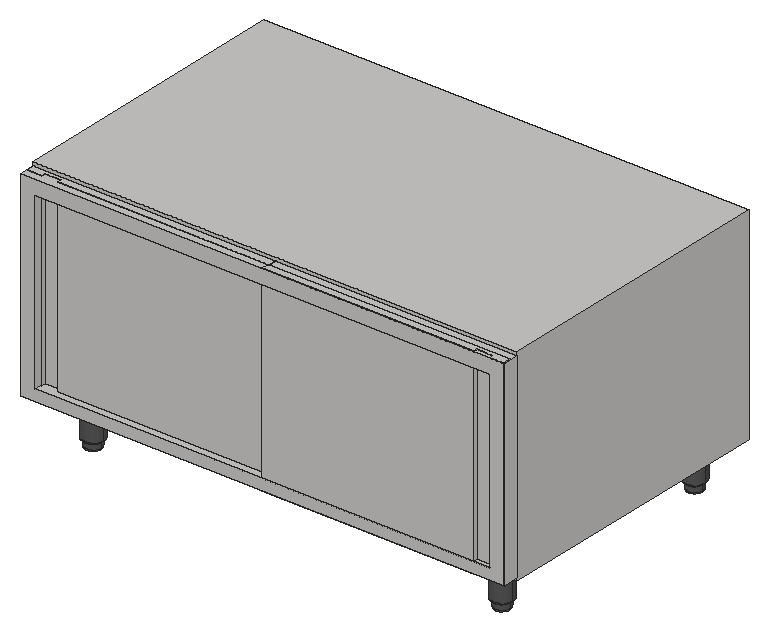
Revit family "QF_CAPIC_CELTIC_W383046", category Equipement spécialisé, Revit 2018
Family settings
  Cote de connecteur circulaire = Utiliser le diamètre
  Type d'élément = Normal
  Numéro OmniClass = 23.40.40.14
  Titre OmniClass = Food Service Equipment
  Basée sur le plan de construction = Non
  Toujours verticalement = Oui
  Couper avec des vides une fois chargée = Non
  Partagée = Non
  Point de calcul de pièce = Non
Parameters (values of type "L=1200mm")
  URL catalogue = "http://www.capic-fr.com/fr/"
  Type de Raccord Plomberie [instance] = ""
  Type de Raccord Electrique [instance] = "BORNIER INTERNE"
  Type de Gaz = ""
  Type article [instance] = ""
  Tension = 400 V
  Spécification du Fabricant = ""
  Show Logo = yes
  Remarques evacuation [instance] = ""
  Remarques Plomberie [instance] = ""
  Remarques Electricité [instance] = "400Vx3 + T"
  Puissance électrique  = 2100 W
  Puissance Gaz kW = 0
  Profondeur hors tout = 756 mm
  Pression Maximum Eau Adoucie = 0.0 Pa
  Poids net à vide = 110.00 kg
  Phase = 3
  Modèle = "W383046"
  Longueur hors tout = 1200 mm
  Intensité nominale = 0 A
  Hauteur hors tout = 630 mm
  Hauteur de Raccordement du Sol Finis = 240 mm
  Hauteur de Raccordement Gaz du Sol Finis = 0 mm
  Hauteur de Raccordement Evacuation Directe du Sol Finis = 0 mm
  Hauteur de Raccordement Eau Froide du Sol Finis = 0 mm
  Hauteur de Raccordement Eau Chaude du Sol Finis = 0 mm
  Hauteur de Raccordement Eau Adoucie du Sol Finis = 0 mm
  Fréquence = 50 Hz
  Fabricant = "CAPIC"
  Débit d'air d'extraction = 0.0 m³/h
  Débit Gaz = 0.0 L/s
  Débit Eau Froide = 0.0 L/s
  Débit Eau Chaude = 0.0 L/s
  Débit Eau Adoucie = 0.0 L/s
  Diamètre de Raccordement Gaz = 0 mm
  Diamètre de Raccordement Evacuation = 0 mm
  Diamètre de Raccordement Eau Froide = 0 mm
  Diamètre de Raccordement Eau Chaude = 0 mm
  Diamètre de Raccordement Eau Adoucie = 0 mm
  Description = "Etuve portes coulissantes"
  Assembly Code = ""
  Classification  Omniclass nombre et titre = "23.40.40.14"
Reference planes
  plane 1 "Centre (avant/arrière)": y = 0
  plane 2: z = 0
  plane 3 "Centre (gauche/droite)": x = 0
  plane 4 "Centre G/E": y = 0
  plane 5: y = -838
  plane 6: x = 1200
  plane 7: x = 1198
  plane 8: x = 2
  plane 9: x = 1165
  plane 10: x = 1157
  plane 11: y = -820
  plane 12: z = 141
  plane 13: x = 43
  plane 14: x = 35
  plane 15: y = -182
  plane 16: z = 621
  plane 17: z = 120
  plane 18: y = -122
  plane 19: x = 601
  plane 20: x = 599
  plane 21: x = 600
  plane 22 "Centre G/G": y = -89
Forms (mm)
  Extrusion 1, solid, material "QF_Stainless Steel-Brushed"
    sketch origin (1480, 0, 0) x (1, 0, 0) y (0, 0, 1)
      loop
        line (-1480, 630) -> (-1480, 120) -> (-280, 120) -> (-280, 630) -> (-1480, 630)
    from 838 to 122
  Extrusion 2, void
    sketch origin (1480, 0, 0) x (1, 0, 0) y (0, 0, 1)
      loop
        line (-1445, 155.456) -> (-315, 155.456) -> (-315, 585.456) -> (-1445, 585.456) -> (-1445, 155.456)
    from 838 to 182
  Extrusion 3, void
    sketch origin (1480, 0, 0) x (1, 0, 0) y (0, 1, 0)
      loop
        line (-1445, -131.5) -> (-1445, -820) -> (-315, -820) -> (-315, -131.5) -> (-1445, -131.5)
    from 120 to 141
  Extrusion 4, solid, material "QF_Stainless Steel-Brushed"
    sketch origin (800, 0, 0) x (-1, 0, 0) y (0, -1, 0)
      loop
        line (-400, 838) -> (800, 838) -> (800, 878) -> (-400, 878) -> (-400, 838)
    from 127 to 621
  Extrusion 5, void
    sketch origin (0, 0, 0) x (1, 0, 0) y (0, 0, 1)
      loop
        line (35, 585.456) -> (35, 155.456) -> (1165, 155.456) -> (1165, 585.456) -> (35, 585.456)
    from 838 to 878
  Extrusion 6, solid, material "QF_Stainless Steel-Brushed"
    sketch origin (0, 0, 0) x (1, 0, 0) y (0, 0, 1)
      loop
        line (2, 621) -> (2, 127) -> (601, 127) -> (601, 621) -> (2, 621)
    from 838 to 858
  Extrusion 7, solid, material "QF_Stainless Steel-Brushed"
    sketch origin (620, 0, 0) x (1, 0, 0) y (0, 0, 1)
      loop
        line (-21, 621) -> (-21, 127) -> (578, 127) -> (578, 621) -> (-21, 621)
    from 877 to 858
  Extrusion 8, void
    sketch origin (0, 0, 0) x (1, 0, 0) y (0, 1, 0)
      loop
        line (1163, -877) -> (1163, -867) -> (1123, -867) -> (1123, -877) -> (1163, -877)
    from 621 to 127
  Extrusion 9, void
    sketch origin (-1048, -1, 0) x (1, 0, 0) y (0, 1, 0)
      loop
        line (1125, -847) -> (1085, -847) -> (1085, -857) -> (1125, -857) -> (1125, -847)
    from 621 to 127
Cuts and joins
  Extrusion 2, Extrusion 3, Extrusion 5 cuts Extrusion 1
  Extrusion 5 cuts Extrusion 4
  Extrusion 8, Extrusion 9 cuts Extrusion 7
  Extrusion 9 cuts Extrusion 6
Dimensions and locks
  locked: plane 9 to plane 6 at 35
  locked: plane 7 to plane 6 at 2
  locked: plane 3 "Centre (gauche/droite)" to plane 8 at 2
  "Longueur hors tout": plane 3 "Centre (gauche/droite)" to plane 6
  locked: plane 3 "Centre (gauche/droite)" to plane 14 at 35
  locked: plane 11 to plane 5 at 18
  locked: plane 15 to plane 5 at 656
  plane 12 to plane 17 to plane 2 = 21 mm locked, 120 mm locked
  locked: plane 10 to plane 6 at 43
  locked: plane 3 "Centre (gauche/droite)" to plane 13 at 43
  equal spacing: plane 3 "Centre (gauche/droite)", plane 21, plane 6
  locked: plane 21 to plane 19 at 1
  locked: plane 20 to plane 21 at 1
  locked: Extrusion 7 to Extrusion 8 sketch curve at 10
  Extrusion 8 sketch curve to Extrusion 8 sketch curve to cut or joined group of Extrusion 7, Extrusion 8, Extrusion 9 = 40 mm locked, 35 mm locked
  locked: Extrusion 6 to Extrusion 9 sketch curve at 10
  plane 8 to Extrusion 9 sketch curve to Extrusion 9 sketch curve = 35 mm locked, 40 mm locked
  aligned and locked: level to plane 2
  aligned and locked: Extrusion 1 to Extrusion 2
  aligned and locked: cut or joined group of Extrusion 1, Extrusion 2, Extrusion 3, Extrusion 5 to plane 5
  aligned and locked: nested 1 to plane 12
  aligned and locked: nested 2 to plane 12
  aligned and locked: nested 2 to plane 11
  aligned and locked: nested 2 to plane 13
  aligned and locked: nested 1 to plane 13
  aligned and locked: nested 3 to plane 10
  aligned and locked: nested 4 to plane 10
  aligned and locked: plane 11 to nested 4
  aligned and locked: Extrusion 3 to plane 11
  aligned and locked: plane 15 to cut or joined group of Extrusion 1, Extrusion 2, Extrusion 3, Extrusion 5
  aligned and locked: plane 18 to cut or joined group of Extrusion 1, Extrusion 2, Extrusion 3, Extrusion 5
  aligned and locked: Extrusion 5 sketch curve to cut or joined group of Extrusion 1, Extrusion 2, Extrusion 3, Extrusion 5  (x4)
  aligned and locked: plane 5 to Extrusion 5
  aligned and locked: Extrusion 4 to Extrusion 5
  aligned and locked: cut or joined group of Extrusion 4, Extrusion 5 to plane 3 "Centre (gauche/droite)"
  aligned and locked: plane 6 to cut or joined group of Extrusion 4, Extrusion 5
  aligned and locked: Extrusion 6 sketch curve to plane 16
  aligned and locked: Extrusion 6 sketch curve to plane 8
  aligned and locked: Extrusion 6 sketch curve to cut or joined group of Extrusion 4, Extrusion 5
  aligned and locked: Extrusion 6 sketch curve to plane 19
  aligned and locked: plane 5 to Extrusion 6
  aligned and locked: Extrusion 7 to Extrusion 6
  aligned and locked: Extrusion 7 to plane 20
  aligned and locked: Extrusion 7 to plane 7
  aligned and locked: Extrusion 8 sketch curve to Extrusion 7
  aligned and locked: Extrusion 8 to cut or joined group of Extrusion 4, Extrusion 5
  aligned and locked: plane 16 to Extrusion 8
  aligned and locked: Extrusion 6 to Extrusion 9 sketch curve
Automatic sketch dimensions
  Extrusion 1 sketch curve to plane 3 "Centre (gauche/droite)" = 0 mm
  Extrusion 1 sketch curve to plane 6 = 0 mm
  Extrusion 1 sketch curve to plane 17 = 0 mm
  plane 16 to Extrusion 1 sketch curve = 9 mm
  Extrusion 2 sketch curve to plane 14 = 0 mm
  Extrusion 2 sketch curve to plane 9 = 0 mm
  Extrusion 2 sketch curve to plane 12 = 14.456 mm
  Extrusion 2 sketch curve to plane 16 = 35.544 mm
  Extrusion 3 sketch curve to plane 11 = 0 mm
  Extrusion 3 sketch curve to plane 14 = 0 mm
  Extrusion 3 sketch curve to plane 9 = 0 mm
  Extrusion 3 sketch curve to plane 18 = 9.5 mm
  Extrusion 4 sketch curve to plane 6 = 0 mm
  Extrusion 4 sketch curve to plane 3 "Centre (gauche/droite)" = 0 mm
  Extrusion 4 sketch curve to plane 5 = 0 mm
  Extrusion 4 sketch curve to Extrusion 4 sketch curve = 40 mm
  Extrusion 7 sketch curve to plane 16 = 0 mm
  plane 17 to Extrusion 7 sketch curve = 7 mm
  Extrusion 7 sketch curve to plane 19 = 2 mm
  Extrusion 7 sketch curve to plane 6 = 2 mm
Nested families
  nested 1: "QF_Details_Pied" at (93, -223, 0), type "QF_Details_Pied"
  nested 2: "QF_Details_Pied" at (93, -820, 0), type "QF_Details_Pied"
  nested 3: "QF_Details_Pied" at (1107, -223, 0), type "QF_Details_Pied"
  nested 4: "QF_Details_Pied" at (1107, -820, 0), type "QF_Details_Pied"
Definition of nested family "QF_Details_Pied"
  Reference planes
    plane 1 "Centre (avant/arrière)": y = 0
    plane 2: z = 0
    plane 3 "Centre (gauche/droite)": x = 0
  Forms (mm)
    Extrusion 1, solid
      sketch origin (-137.492, 51.5, -340.756) x (1, 0, 0) y (0, 0, 1)
        loop
          line (87.492, 481.756) -> (87.492, 472.756) -> (187.492, 472.756) -> (187.492, 481.756) -> (87.492, 481.756)
      from -40 to 40
    Revolve 2, solid
      sketch origin (0, 51.5, -9) x (1, 0, 0) y (0, 0, 1)
        loop
          line (0, 141) -> (0, 9) -> (19.21, 9) -> (19.21, 13) -> (20.21, 13) -> (20.21, 26) -> (21.71, 26) -> (26.66, 30.95) -> (26.66, 90.95) -> (31.468, 136.698) -> (36.246, 141) -> (0, 141)
        axis (0, 141) -> (0, 9)
      angle from 0 to 360
  Dimensions and locks
    aligned and locked: level to plane 2
    aligned and locked: Extrusion 1 to Revolve 2 sketch curve
